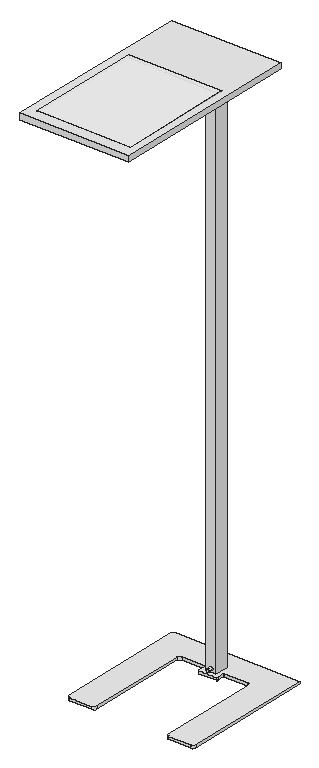
Revit family "0060791 Sylvania Lighting Fixture FREEOFFICE DIRECT INDIRECT 12KLM PIR GREY UK", category Lighting Fixtures, host Face, Revit 2016
Family settings
  Host = Face
  Part Type = Normal
  Round Connector Dimension = Use Diameter
  OmniClass Number = 23.80.70.11.17
  OmniClass Title = Specialized Lighting by Location or Use
  Cut with Voids When Loaded = No
  Light Source = Yes
  Shared = No
  Room Calculation Point = No
Parameters (values of type "0060791 FREEOFFICE D/I 12 PIR GREY UK")
  Weight = "22.8 kg"
  Wattage = 93 W
  WarrantyStartDate [instance] = "n/a"
  WarrantyGuarantorParts = "n/a"
  WarrantyDurationUnit = "n/a"
  WarrantyDurationParts = "n/a"
  WarrantyDescription = "n/a"
  built-in parameter 1150110 = 1 (stored number, unit not read)
  Voltage = 230 V
  TypeName = "FREEOFFICE DIRECT/INDIRECT 12KLM PIR GREY UK"
  built-in parameter 1114217 = 1 (stored number, unit not read)
  Tilt Angle = -90°
  built-in parameter 1150109 = 1 (stored number, unit not read)
  built-in parameter 1150134 = 12
  built-in parameter 1150113 = 1 (stored number, unit not read)
  SerialNumber [instance] = "n/a"
  Radius_FEILO = 165.0 mm
  URL = "http://www.sylvania-lighting.com"
  PowerFactor = 0.96
  PowerConsumption = "93 W"
  Photometric Web File = "0060791.ies"
  PIR_SYL = yes
  NominalWidth = 0.0 mm
  NominalLength = 690.0 mm
  NominalHeight = 2030.0 mm
  Name = "FREEOFFICE DIRECT/INDIRECT 12KLM PIR GREY UK"
  ModelReference = "FREEOFFICE DIRECT/INDIRECT 12KLM PIR GREY UK"
  ModelNumber = "0060791"
  Material_3_SYL = Body-Sylvania-FreeOffice-BLK
  Material_2_SYL = Polycarbonate_Sylvania_Sylcircle_Opal
  Material_1_SYL = Body-Sylvania-FreeOffice-GR
  Material = "head and pole : powder coated aluminium. stand: powder coated steel housing, pmma diffuser"
  ManufacturerName = "Feilo Sylvania"
  LuminousEfficacy = "131 lm/W"
  built-in parameter 1150105 = 3688.2 (stored number, unit not read)
  Lumens = 12183 lm
  LuminaireType = ""
  built-in parameter 1150115 = 1 (stored number, unit not read)
  LightOutputRatio = "n/a"
  built-in parameter 1150137 = (empty or 0)
  built-in parameter 1150139 = (empty or 0)
  LampsType = Lamp  # "LED"
  LampNominalLuminous = "12150 lm"
  LampMacAdamStep = "3"
  LampColourTemperature = "4000 K"
  LampColourRenderingIndex = "80"
  built-in parameter 1150112 = 1 (stored number, unit not read)
  built-in parameter 1150114 = 1 (stored number, unit not read)
  Keynote = "16500"
  InstallationDate [instance] = "n/a"
  InputVoltage = "220-240V~"
  InputNominalFrequency = "50/60 Hz"
  built-in parameter 1150132 = (empty or 0)
  built-in parameter 1150102 = (empty or 0)
  built-in parameter 1150107 = 4000 (stored number, unit not read)
  built-in parameter 1150138 = (empty or 0)
  IngressProtection = "IP20"
  ImpactProtectionIndex = "IK02"
  built-in parameter 1150106 = 36.882 (stored number, unit not read)
  IfcExportType = "IfcLightFixtureType"
  IfcExportAs = "IfcLightFixtureType"
  Height_FEILO = 96.0 mm
  ExpectedLife = 50000
  Emit from Rectangle Width = 340.1 mm
  Emit from Rectangle Length = 564.6 mm
  Emit Shape Visible in Rendering = no
  ElectricShockClassification = "Class I"
  built-in parameter 1150104 = 12.17 (stored number, unit not read)
  DurationUnit = "hours"
  DocumentationLiterature = "http://www.sylvania-lighting.com/product/en-int/products/0060791"
  DimmingControlOptions = "Dimmable"
  Dimming Lamp Color Temperature Shift = <None>
  Diameter_FEILO = 2 * Radius_FEILO  # 330.0 mm
  CreatedOn = "12/5/2018"
  CreatedBy = "@sylvania-lighting.com"
  Color Filter = 16777215
  built-in parameter 1114216 [instance] = 1 (stored number, unit not read)
  Model = "FREEOFFICE DIRECT/INDIRECT 12KLM PIR GREY UK"
  Manufacturer = "Feilo Sylvania"
  Lamp = "LED"
  Description = "FREEOFFICE DIRECT/INDIRECT 12KLM PIR GREY UK is a highly efficient free-standing floor lamp providing optimal illumination for single and twin workstations. 80% uplight and 20% downlight ratio for ambient and task lighting from a single luminaire. Microprismatic PMMA optics for advanced glare control. Grey RAL7035 powder coated luminaire body. Aluminium head and pole for high-quality appearance, steel stand for higher stability. Luminaire dimensions: Head: 690x397x25mm, Stand: 480x460x16mm, Pole: 55x35x2030mm. Operated and dimmed with a push button located in the pole at a height suitable to be used with adjustable height desks. Equipped with presence and daylight sensor. Up and downlight dims together. 4000K Neutral White LED, CRI>80, chromaticity tolerance: SDCM<3. Luminous flux: 12150lm. Power consumption 93W. Luminaire efficacy: 131lm/W. Lumen maintenance: L80B50=55000h. UGR<16, Luminance at 65°<3000 cd/m2. IK02, IP20. Photobiological safety risk group 0. Electrical protection: Class I. Glow wire test: 650°C. Supplied with 3m cable with BS 1363 plug."
  Default Elevation = 0.0 mm
  built-in parameter 1140040 [instance] = 1
  BarCode [instance] = "n/a"
  built-in parameter 1114218 = 1 (stored number, unit not read)
  built-in parameter 1150133 = 10 (stored number, unit not read)
  AssetType = "Fixed"
  AssetIdentifier [instance] = "n/a"
  Assembly Code = "D5020200"
  Apparent Load = 93 VA
Reference planes
  plane 1 "Center (Front/Back)": y = 0
  plane 2: z = 0
  plane 3 "Center (Left/Right)": x = 0
  plane 4: z = 2030
  plane 5: x = 230
  plane 6: x = -230
  plane 7: x = 18
  plane 8: x = -18
  plane 9: x = -198.5
  plane 10: x = 198.5
  plane 11: y = 25
  plane 12: y = -25
  plane 13: y = -390.174
  plane 14: y = 89.826
  plane 15: y = -645
  plane 16: y = 44
  plane 17: z = 9
  plane 18: z = 2010
  plane 19: y = -187.327
  plane 20: y = -603.8
  plane 21: x = -170.03
  plane 22: x = 170.03
  plane 23: y = -39.174
  plane 24: z = 2020
  plane 25: x = 130
  plane 26: x = -130
  plane 27: y = -10.174
  plane 28: x = 34
  plane 29: x = -34
  plane 30: y = -39.174
  plane 31: y = -321.487
  plane 32: z = 21
  plane 33: y = -624.4
  plane 34: z = 2009
Forms (mm)
  Extrusion 1, solid, material "Body-Sylvania-FreeOffice-GR" <- "Material_1_SYL"
    sketch origin (-1380.213, -4572, 2010) x (-1, 0, 0) y (0, -1, 0)
      loop
        line (-1181.713, -3927) -> (-1578.713, -3927) -> (-1578.713, -4616) -> (-1181.713, -4616) -> (-1181.713, -3927)
    from 0 to 20
  Extrusion 2, void
    sketch origin (-1380.213, -4572, 2030) x (0, -1, 0) y (-1, 0, 0)
      loop
        line (-4384.673, -1210.183) -> (-4384.673, -1550.243) -> (-3968.2, -1550.243) -> (-3968.2, -1210.183) -> (-4384.673, -1210.183)
    from 0 to 20
  Extrusion 3, void
    sketch origin (-1380.213, -4572, 2010) x (0, -1, 0) y (-1, 0, 0)
      loop
        line (-3968.2, -1210.183) -> (-4532.826, -1210.183) -> (-4532.826, -1550.243) -> (-3968.2, -1550.243) -> (-3968.2, -1210.183)
    from 0 to -10
  Extrusion 4, solid, material "Body-Sylvania-FreeOffice-GR" <- "Material_1_SYL"
    sketch origin (0, 0, 0) x (1, 0, 0) y (0, 1, 0)
      loop
        line (-230, 79.826) -> (-230, -380.174)
        arc (-230, -380.174) -> (-227.071, -387.245) -> (-220, -390.174) r 10
        line (-220, -390.174) -> (-140, -390.174)
        arc (-140, -390.174) -> (-132.929, -387.245) -> (-130, -380.174) r 10
        line (-130, -380.174) -> (-130, -20.174)
        arc (-130, -20.174) -> (-127.071, -13.103) -> (-120, -10.174) r 10
        line (-120, -10.174) -> (-36, -10.174)
        arc (-36, -10.174) -> (-34.586, -10.76) -> (-34, -12.174) r 2
        line (-34, -12.174) -> (-34, -37.174)
        arc (-34, -37.174) -> (-33.414, -38.588) -> (-32, -39.174) r 2
        line (-32, -39.174) -> (32, -39.174)
        arc (32, -39.174) -> (33.414, -38.588) -> (34, -37.174) r 2
        line (34, -37.174) -> (34, -12.174)
        arc (34, -12.174) -> (34.586, -10.76) -> (36, -10.174) r 2
        line (36, -10.174) -> (120, -10.174)
        arc (120, -10.174) -> (127.071, -13.103) -> (130, -20.174) r 10
        line (130, -20.174) -> (130, -380.174)
        arc (130, -380.174) -> (132.929, -387.245) -> (140, -390.174) r 10
        line (140, -390.174) -> (220, -390.174)
        arc (220, -390.174) -> (227.071, -387.245) -> (230, -380.174) r 10
        line (230, -380.174) -> (230, 89.826) -> (-220, 89.826)
        arc (-220, 89.826) -> (-227.071, 86.897) -> (-230, 79.826) r 10
    from 0 to 9
  Extrusion 5, solid, material "Body-Sylvania-FreeOffice-GR" <- "Material_1_SYL"
    sketch origin (645.563, -4597, 9) x (0, -1, 0) y (-1, 0, 0)
      loop
        line (-4622, 663.563) -> (-4622, 627.563) -> (-4572, 627.563) -> (-4572, 663.563) -> (-4622, 663.563)
    from 0 to -2001
  Extrusion 6, solid, material "Body-Sylvania-FreeOffice-GR" <- "Material_1_SYL"
    sketch origin (747.1, -25, 1219.2) x (1, 0, 0) y (0, 0, 1)
      loop
        circle (-747.1, -1198.2) r 5
    from 0 to 14.174
  Extrusion 7, solid, material "Polycarbonate_Sylvania_Sylcircle_Opal" <- "Material_2_SYL"
    sketch origin (-1380.213, -4572, 2030) x (-1, 0, 0) y (0, -1, 0)
      loop
        line (-1550.243, -3968.2) -> (-1550.243, -4384.673) -> (-1210.183, -4384.673) -> (-1210.183, -3968.2) -> (-1550.243, -3968.2)
    from 0 to -10
  Extrusion 8, solid, material "Polycarbonate_Sylvania_Sylcircle_Opal" <- "Material_2_SYL"
    sketch origin (-1380.213, -4572, 2010) x (-1, 0, 0) y (0, -1, 0)
      loop
        line (-1210.183, -4532.826) -> (-1210.183, -3968.2) -> (-1550.243, -3968.2) -> (-1550.243, -4532.826) -> (-1210.183, -4532.826)
    from 0 to 10
  Revolve 9, solid, material "Body-Sylvania-FreeOffice-BLK" <- "Material_3_SYL", visible <- "PIR_SYL"
    sketch origin (747.1, -624.4, 1219.2) x (1, 0, 0) y (0, 0, 1)
      loop
        line (-757.1, 789.8) -> (-754.426, 789.8)
        arc (-754.426, 789.8) -> (-751.007, 787.781) -> (-747.1, 787.079) r 11.221
        line (-747.1, 787.079) -> (-747.1, 790.8) -> (-757.1, 790.8) -> (-757.1, 789.8)
      axis (-747.1, 790.8) -> (-747.1, 787.079)
    angle from 0 to 360
Cuts and joins
  Extrusion 2, Extrusion 3 cuts Extrusion 1
Lines and regions (mm)
  reference lines
    curve 1: circle (0, 0, 21) r 5 normal (0, -1, 0)
    curve 2: circle (0, -624.4, 2010) r 10 normal (0, 0, 1)
Dimensions and locks
  equal spacing: plane 12, plane 1 "Center (Front/Back)", plane 11
  locked: plane 12 to plane 11 at 50
  equal spacing: plane 8, plane 3 "Center (Left/Right)", plane 7
  plane 8 to plane 7 = 36.0 mm
  equal spacing: plane 9, plane 3 "Center (Left/Right)", plane 10
  plane 9 to plane 10 = 397.0 mm
  equal spacing: plane 6, plane 3 "Center (Left/Right)", plane 5
  locked: plane 6 to plane 5 at 460
  locked: plane 4 to plane 2 at 2030
  locked: plane 13 to plane 1 "Center (Front/Back)" at 390.174
  locked: plane 13 to plane 14 at 480
  locked: plane 15 to plane 1 "Center (Front/Back)" at 645
  locked: plane 15 to plane 16 at 689
  locked: plane 17 to plane 2 at 9
  locked: plane 4 to plane 18 at 20
  locked: plane 19 to plane 1 "Center (Front/Back)" at 187.327
  locked: plane 20 to plane 19 at 416.473
  equal spacing: plane 21, plane 3 "Center (Left/Right)", plane 22
  plane 21 to plane 22 = 340.059 mm
  locked: plane 20 to plane 23 at 564.626
  equal spacing: plane 4, plane 24, plane 18
  equal spacing: plane 26, plane 3 "Center (Left/Right)", plane 25
  locked: plane 26 to plane 25 at 260
  locked: plane 27 to plane 14 at 100
  equal spacing: plane 29, plane 3 "Center (Left/Right)", plane 28
  locked: plane 29 to plane 28 at 68
  locked: plane 30 to plane 27 at 29
  equal spacing: plane 20, plane 31, plane 23
  locked: plane 32 to host face at 21
  equal spacing: plane 15, plane 33, plane 20
  locked: Revolve 9 sketch curve to plane 18 at 7.5
  locked: plane 18 to plane 34 at 1
  radius of curve 2 = 10.0 mm
  aligned and locked: plane 2 to host face
  aligned and locked: level to host face
  aligned and locked: plane 15 to Extrusion 1 sketch curve
  aligned and locked: Extrusion 1 sketch curve to plane 9
  aligned and locked: Extrusion 1 sketch curve to plane 16
  aligned and locked: plane 10 to Extrusion 1 sketch curve
  aligned and locked: plane 4 to Extrusion 1
  aligned and locked: Extrusion 1 to plane 18
  aligned and locked: Extrusion 2 sketch curve to plane 19
  aligned and locked: plane 20 to Extrusion 2 sketch curve
  aligned and locked: Extrusion 2 to plane 18
  aligned and locked: plane 4 to Extrusion 2
  aligned and locked: plane 21 to Extrusion 2 sketch curve
  aligned and locked: plane 22 to Extrusion 2 sketch curve
  aligned and locked: Extrusion 3 sketch curve to cut or joined group of Extrusion 1, Extrusion 2, Extrusion 3  (x2)
  aligned and locked: plane 23 to Extrusion 3 sketch curve
  aligned and locked: plane 22 to Extrusion 3 sketch curve
  aligned and locked: Extrusion 3 to plane 18
  aligned and locked: plane 24 to Extrusion 3
  aligned and locked: Extrusion 4 sketch curve to plane 14
  aligned and locked: Extrusion 4 sketch curve to plane 6
  aligned and locked: plane 13 to Extrusion 4 sketch curve  (x2)
  aligned and locked: Extrusion 4 sketch curve to plane 26
  aligned and locked: Extrusion 4 sketch curve to plane 25
  aligned and locked: plane 5 to Extrusion 4 sketch curve
  aligned and locked: plane 29 to Extrusion 4 sketch curve
  aligned and locked: plane 30 to Extrusion 4 sketch curve
  aligned and locked: Extrusion 4 sketch curve to plane 28
  aligned and locked: Extrusion 4 sketch curve to plane 27
  aligned and locked: Extrusion 4 to plane 17
  aligned and locked: Extrusion 4 to level
  aligned and locked: Extrusion 5 sketch curve to plane 8
  aligned and locked: plane 7 to Extrusion 5 sketch curve
  aligned and locked: plane 18 to Extrusion 5
  aligned and locked: plane 11 to Extrusion 5 sketch curve
  aligned and locked: Extrusion 5 sketch curve to plane 12
  aligned and locked: plane 24 to imposter light
  aligned and locked: imposter light to plane 3 "Center (Left/Right)"
  aligned and locked: imposter light to plane 31
  aligned and locked: Extrusion 6 sketch curve to curve 1
  aligned and locked: Extrusion 6 to plane 12
  aligned and locked: Extrusion 6 to cut or joined group of Extrusion 1, Extrusion 2, Extrusion 3
  aligned and locked: Extrusion 7 sketch curve to cut or joined group of Extrusion 1, Extrusion 2, Extrusion 3  (x4)
  aligned and locked: Extrusion 7 to plane 4
  aligned and locked: Extrusion 7 to cut or joined group of Extrusion 1, Extrusion 2, Extrusion 3
  aligned and locked: Extrusion 8 sketch curve to cut or joined group of Extrusion 1, Extrusion 2, Extrusion 3  (x4)
  aligned and locked: Extrusion 8 to cut or joined group of Extrusion 1, Extrusion 2, Extrusion 3
  aligned and locked: Extrusion 8 to plane 18
  aligned and locked: plane 3 "Center (Left/Right)" to curve 2
  aligned and locked: plane 33 to curve 2
  aligned and locked: plane 3 "Center (Left/Right)" to Revolve 9 sketch curve  (x2)
  aligned and locked: Revolve 9 sketch curve to plane 3 "Center (Left/Right)"
  aligned and locked: Revolve 9 sketch curve to plane 34
Automatic sketch dimensions
  host sketch curve to host sketch curve = 1305.563 mm
  host sketch curve to host sketch curve = 1283.632 mm
  plane 27 to Extrusion 4 sketch curve = 0.0 mm
  plane 6 to Extrusion 4 sketch curve = 10.0 mm  (x2)
  Extrusion 4 sketch curve to plane 13 = 10.0 mm
  Extrusion 4 sketch curve to plane 26 = 10.0 mm
  Extrusion 4 sketch curve to Extrusion 4 sketch curve = 2.0 mm
  plane 29 to Extrusion 4 sketch curve = 2.0 mm
  Extrusion 4 sketch curve to plane 28 = 2.0 mm
  plane 28 to Extrusion 4 sketch curve = 2.0 mm
  Extrusion 4 sketch curve to plane 25 = 10.0 mm
  Extrusion 4 sketch curve to Extrusion 4 sketch curve = 10.0 mm
  Extrusion 4 sketch curve to plane 5 = 10.0 mm
  curve 1 to plane 3 "Center (Left/Right)" = 0.0 mm
  curve 1 to plane 32 = 0.0 mm
  Revolve 9 sketch curve to plane 18 = 0.0 mm
  Revolve 9 sketch curve to plane 3 "Center (Left/Right)" = 7.326 mm
  Revolve 9 sketch curve to Revolve 9 sketch curve = 2.674 mm
  Revolve 9 sketch curve to level = 94.652 mm
  plane 4 to Revolve 9 sketch curve = 432.257 mm
  radius of curve 1 = 5.0 mm
Connectors
  electrical at (0, -39.174, 21), driven by "PowerFactor", driven by "Voltage", driven by "Apparent Load", driven by "Apparent Load"
    settings: on Extrusion 6, index 1, voltage 230 V, apparent load 93 VA, apparent load phase1 93 VA, apparent load phase2 0 VA, apparent load phase3 0 VA, power factor 0.96, load classification "Other", number of poles 1, system type 30, power factor state 1, is connector primary yes, connector utility no, sub classification motor no, connector description ""
